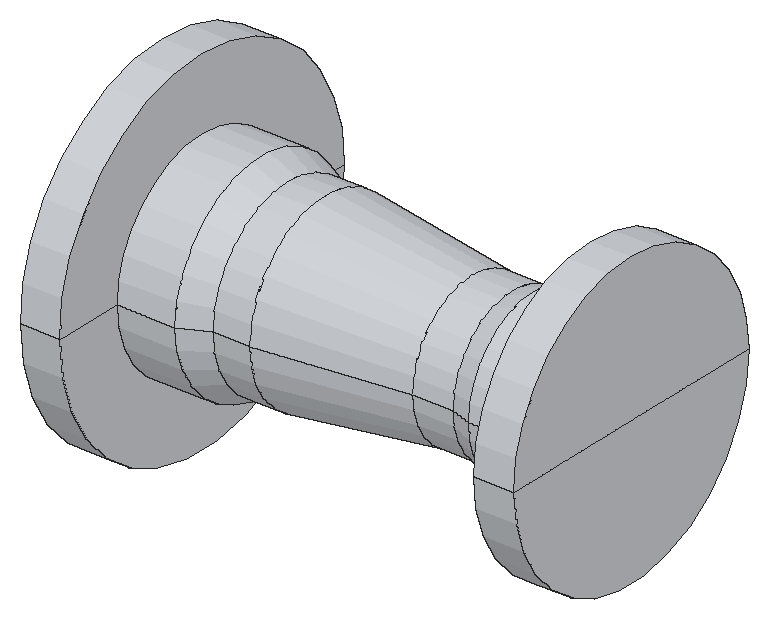
Revit family "022379459b764118aa4bbe2dd0c2b7ef", category Pipe Fittings, Revit 2021
Family settings
  Round Connector Dimension = Use Radius
  Part Type = Transition
  OmniClass Number = 23.60.30.11.14
  OmniClass Title = Pipework Fittings
  Work Plane-Based = No
  Always vertical = Yes
  Cut with Voids When Loaded = No
  Shared = No
Parameters (values of type "Standard")
  Visibility 2 [instance] = Nominal Diameter 2 > Nominal Diameter 1  # no
  Visibility 1 [instance] = Nominal Diameter 1 > Nominal Diameter 2  # yes
  URL = ""
  Type Comments = ""
  Tick Size 2 [instance] = if(Nominal Diameter 1 > Nominal Diameter 2, Min Tick Size 12, Max Tick Size 12)  # 1.5280"
  Tick Size 1 [instance] = if(Nominal Diameter 1 > Nominal Diameter 2, Max Tick Size 12, Min Tick Size 12)  # 1.9200"
  Min Tick Size 12 [instance] = Min Fitting Outside Diameter 12 * 0.4  # 1.5280"
  Max Tick Size 12 [instance] = Max Fitting Outside Diameter 12 * 0.4  # 1.9200"
  Socket Outside Radius 2 [instance] = Socket Outside Diameter 2 / 2  # 2.0850"
  Socket Outside Radius 1 [instance] = Socket Outside Diameter 1 / 2  # 2.7250"
  Socket Outside Diameter 2 [instance] = if(Nominal Diameter 1 > Nominal Diameter 2, Min Socket Outside Diameter 12, Max Socket Outside Diameter 12)  # 4.1700"
  Socket Outside Diameter 1 [instance] = if(Nominal Diameter 1 > Nominal Diameter 2, Max Socket Outside Diameter 12, Min Socket Outside Diameter 12)  # 5.4500"
  Socket Depth 2 [instance] = if(Nominal Diameter 2 < 14.0000", 2.5000", if(Nominal Diameter 2 < 30.0000", 3.5000", 4.0000"))  # 2.5000"
  Socket Depth 1 [instance] = if(Nominal Diameter 1 < 14.0000", 2.5000", if(Nominal Diameter 1 < 30.0000", 3.5000", 4.0000"))  # 2.5000"
  Min Socket Outside Diameter 12 [instance] = size_lookup(Lookup Table Name, "SOD", 1.1 * Min Nominal Diameter 12 + 0.8700", Min Nominal Diameter 12)  # 4.1700"
  Max Socket Outside Diameter 12 [instance] = size_lookup(Lookup Table Name, "SOD", 1.14 * Max Nominal Diameter 12 + 0.1300", Max Nominal Diameter 12)  # 5.4500"
  Nominal Radius 2 [instance] = 1.5000"
  Nominal Radius 1 [instance] = 2.0000"
  Nominal Diameter 2 [instance] = Nominal Radius 2 * 2  # 3.0000"
  Nominal Diameter 1 [instance] = Nominal Radius 1 * 2  # 4.0000"
  Min Nominal Diameter 12 [instance] = if(Nominal Diameter 1 > Nominal Diameter 2, Nominal Diameter 2, Nominal Diameter 1)  # 3.0000"
  Max Nominal Diameter 12 [instance] = if(Nominal Diameter 1 > Nominal Diameter 2, Nominal Diameter 1, Nominal Diameter 2)  # 4.0000"
  Manufacturer = ""
  Loss Method = K Coefficient from Table
  Lookup Table Name = "Reducer - MJ - DI - Class 350"
  Length [instance] = size_lookup(Lookup Table Name, "Lgt", 2 * Max Nominal Diameter 12, Max Nominal Diameter 12, Min Nominal Diameter 12)  # 12.0000"
  K Coefficient Table = "Reducer/Coupling/Union/Increaser"
  Fitting Outside Radius 2 [instance] = Fitting Outside Diameter 2 / 2  # 1.9100"
  Fitting Outside Radius 1 [instance] = Fitting Outside Diameter 1 / 2  # 2.4000"
  Min Fitting Outside Diameter 12 [instance] = size_lookup(Lookup Table Name, "FOD", 1.04 * Min Nominal Diameter 12 + 0.7000", Min Nominal Diameter 12)  # 3.8200"
  Max Fitting Outside Diameter 12 [instance] = size_lookup(Lookup Table Name, "FOD", 1.04 * Max Nominal Diameter 12 + 0.7000", Max Nominal Diameter 12)  # 4.8000"
  built-in parameter 1114238 [instance] = (empty or 0)
  Fitting Outside Diameter 2 [instance] = if(Nominal Diameter 1 > Nominal Diameter 2, Min Fitting Outside Diameter 12, Max Fitting Outside Diameter 12)  # 3.8200"
  Fitting Outside Diameter 1 [instance] = if(Nominal Diameter 1 > Nominal Diameter 2, Max Fitting Outside Diameter 12, Min Fitting Outside Diameter 12)  # 4.8000"
  Description = ""
  Default Elevation = 0.0000"
  Bevel Length 2 [instance] = size_lookup(Lookup Table Name, "BvLgt", 0.04 * Nominal Diameter 2 + 0.4300", Nominal Diameter 2)  # 0.5500"
  Bevel Length 1 [instance] = size_lookup(Lookup Table Name, "BvLgt", 0.04 * Nominal Diameter 1 + 0.4300", Nominal Diameter 1)  # 0.6500"
  Gland Width 2 [instance] = size_lookup(Lookup Table Name, "GWid", 0.03 * Nominal Diameter 2 + 0.9400", Nominal Diameter 2)  # 1.0300"
  Gland Width 1 [instance] = size_lookup(Lookup Table Name, "GWid", 0.03 * Nominal Diameter 1 + 0.9400", Nominal Diameter 1)  # 1.0000"
  Gland Outside Radius 1 [instance] = Gland Outside Diameter 1 / 2  # 4.5600"
  Gland Outside Radius 2 [instance] = Gland Outside Diameter 2 / 2  # 3.7550"
  Max Gland Outside Diameter 12 [instance] = size_lookup(Lookup Table Name, "GOD", 1.16 * Max Nominal Diameter 12 + 4.0300", Max Nominal Diameter 12)  # 9.1200"
  Min Gland Outside Diameter 12 [instance] = size_lookup(Lookup Table Name, "GOD", 1.16 * Min Nominal Diameter 12 + 4.0300", Min Nominal Diameter 12)  # 7.5100"
  Gland Outside Diameter 2 [instance] = if(Nominal Diameter 1 > Nominal Diameter 2, Min Gland Outside Diameter 12, Max Gland Outside Diameter 12)  # 7.5100"
  Gland Outside Diameter 1 [instance] = if(Nominal Diameter 1 > Nominal Diameter 2, Max Gland Outside Diameter 12, Min Gland Outside Diameter 12)  # 9.1200"
  Assembly Code = ""
Reference planes (in)
  plane 1 "Center (Front/Back)": y = 0
  plane 2: z = 0
  plane 3 "Center (Left/Right)": x = 0
  plane 4 "Right": x = 12
  plane 5 "TK1 Top": y = 1.92
  plane 6 "TK1 Bottom": y = -1.92
  plane 7 "TK2 Top": y = 1.528
  plane 8 "TK2 Bottom": y = -1.528
  plane 9: y = 4.56
  plane 10: y = 2.725
  plane 11: x = 2.5
  plane 12: x = 3.15
  plane 13: y = 2.4
  plane 14 "SD2R": x = 9.5
  plane 15: x = 1
  plane 16: x = 10.97
  plane 17: x = 8.95
  plane 18: y = 1.91
  plane 19: y = 2.085
  plane 20: y = 3.755
  plane 21: x = 4.15
  plane 22: x = 7.92
Forms (in)
  Extrusion 1, solid, not visible
    sketch origin (0, 0, 0) x (0, 1, 0) y (0, 0, 1)
      loop
        circle (0, 0) r 1
    from 0 to 12
  Revolve 2, solid, detail levels fine
    sketch origin (0, 0, 0) x (1, 0, 0) y (0, 1, 0)
      loop
        line (0, 0) -> (12, 0) -> (12, 3.755) -> (10.97, 3.755) -> (10.97, 2.085) -> (9.5, 2.085) -> (8.95, 1.91) -> (7.92, 1.91) -> (4.15, 2.4) -> (3.2, 2.4) -> (2.5, 2.725) -> (1, 2.725) -> (1, 4.56) -> (0, 4.56) -> (0, 0)
      axis (0, 0) -> (12, 0)
    angle from 0 to 360
Lines and regions (in)
  model lines, detail levels coarse+medium
    curve 1: line (0, 0, 0) -> (0, 1.92, 0)
    curve 2: line (0, -1.92, 0) -> (0, 0, 0)
    curve 3: line (12, 0, 0) -> (12, 1.528, 0)
    curve 4: line (12, 0, 0) -> (12, -1.528, 0)
  model lines, style "PipeFitting", visible <- "Visibility 1", detail levels coarse+medium
    curve 5: line (0, 1.92, 0) -> (12, 0, 0)
    curve 6: line (0, -1.92, 0) -> (12, 0, 0)
  model lines, style "PipeFitting", visible <- "Visibility 2", detail levels coarse+medium
    curve 7: line (12, 1.528, 0) -> (0, 0, 0)
    curve 8: line (0, 0, 0) -> (12, -1.528, 0)
Dimensions and locks (in)
  "Tick Size 1": plane 5 "TK1 Top" to plane 1 "Center (Front/Back)"
  "Tick Size 1": plane 6 "TK1 Bottom" to plane 1 "Center (Front/Back)"
  "Tick Size 2": plane 7 "TK2 Top" to plane 1 "Center (Front/Back)"
  "Tick Size 2": plane 8 "TK2 Bottom" to plane 1 "Center (Front/Back)"
  "Gland Outside Radius 1": plane 9 to plane 1 "Center (Front/Back)"
  "Socket Outside Radius 1": plane 1 "Center (Front/Back)" to plane 10
  "Fitting Outside Radius 1": plane 13 to plane 1 "Center (Front/Back)"
  "Length": plane 3 "Center (Left/Right)" to plane 4 "Right"
  "Socket Depth 2": plane 14 "SD2R" to plane 4 "Right"
  "Socket Depth 1": plane 3 "Center (Left/Right)" to plane 11
  "Gland Width 1": plane 3 "Center (Left/Right)" to plane 15
  "Gland Width 2": plane 16 to plane 4 "Right"
  "Bevel Length 1": plane 11 to plane 12
  "Bevel Length 2": plane 17 to plane 14 "SD2R"
  "Fitting Outside Radius 2": plane 18 to plane 1 "Center (Front/Back)"
  "Socket Outside Radius 2": plane 19 to plane 1 "Center (Front/Back)"
  "Gland Outside Radius 2": plane 20 to plane 1 "Center (Front/Back)"
  "Gland Width 1": plane 12 to plane 21
  "Gland Width 2": plane 22 to plane 17
  radius of Extrusion 1 sketch curve = 1.0000"
  aligned and locked: plane 2 to level
  aligned and locked: plane 2 to Extrusion 1 sketch curve
  aligned and locked: plane 1 "Center (Front/Back)" to Extrusion 1 sketch curve
  aligned and locked: Extrusion 1 to plane 3 "Center (Left/Right)"
  aligned and locked: plane 4 "Right" to Extrusion 1
  aligned and locked: plane 1 "Center (Front/Back)" to curve 2
  aligned and locked: plane 3 "Center (Left/Right)" to curve 1
  aligned and locked: plane 3 "Center (Left/Right)" to curve 2
  aligned and locked: plane 5 "TK1 Top" to curve 1
  aligned and locked: plane 6 "TK1 Bottom" to curve 2
  aligned and locked: curve 3 to plane 7 "TK2 Top"
  aligned and locked: curve 4 to plane 4 "Right"
  aligned and locked: plane 1 "Center (Front/Back)" to Revolve 2 sketch curve
  aligned and locked: plane 3 "Center (Left/Right)" to Revolve 2 sketch curve
  aligned and locked: Revolve 2 sketch curve to plane 9
  aligned and locked: Revolve 2 sketch curve to plane 15
  aligned and locked: Revolve 2 sketch curve to plane 10
  aligned and locked: plane 11 to Revolve 2 sketch curve
  aligned and locked: plane 14 "SD2R" to Revolve 2 sketch curve
  aligned and locked: plane 19 to Revolve 2 sketch curve
  aligned and locked: plane 16 to Revolve 2 sketch curve
  aligned and locked: plane 20 to Revolve 2 sketch curve
  aligned and locked: plane 4 "Right" to Revolve 2 sketch curve
  aligned and locked: Revolve 2 sketch curve to Revolve 2 sketch curve
  aligned and locked: Revolve 2 sketch curve to plane 18
  aligned and locked: plane 22 to Revolve 2 sketch curve
  aligned and locked: Revolve 2 sketch curve to plane 13
  aligned and locked: plane 21 to Revolve 2 sketch curve
Automatic sketch dimensions
  plane 8 "TK2 Bottom" to curve 8 = 0.0000"
  plane 1 "Center (Front/Back)" to curve 4 = 0.0000"
  Revolve 2 sketch curve to plane 17 = 0.0000"
  Revolve 2 sketch curve to plane 3 "Center (Left/Right)" = 9.7500"
  Revolve 2 sketch curve to plane 12 = 0.0500"
  Revolve 2 sketch curve to Revolve 2 sketch curve = 7.2500"
Connectors (in)
  piping at (0, 0, 0), diameter 4, driven by "Nominal Radius 1"
    settings: on Extrusion 1, index 1, connector inside diameter 4.0000", connector length 0.0000", flow factor 0, pipe flow 0 GPM, pressure drop 0.00 psi, fitting loss kfactor 0, connector angle 0.00°, fixture units 0, engagement length 0.0000", angle of deflection 0.00°, flow configuration 0, flow direction 0, fitting loss method 0, system type 28, joint type 0, gender type 0, connector reference index 2, connector utility 0, adjustable connector no, is connector primary yes, connector description ""
  piping at (12, 0, 0), diameter 3, driven by "Nominal Radius 2"
    settings: on Extrusion 1, index 2, connector inside diameter 3.0000", connector length 0.0000", flow factor 0, pipe flow 0 GPM, pressure drop 0.00 psi, fitting loss kfactor 0, connector angle 0.00°, fixture units 0, engagement length 0.0000", angle of deflection 0.00°, flow configuration 0, flow direction 0, fitting loss method 0, system type 28, joint type 0, gender type 0, connector reference index 1, connector utility 0, adjustable connector no, is connector primary no, connector description ""
